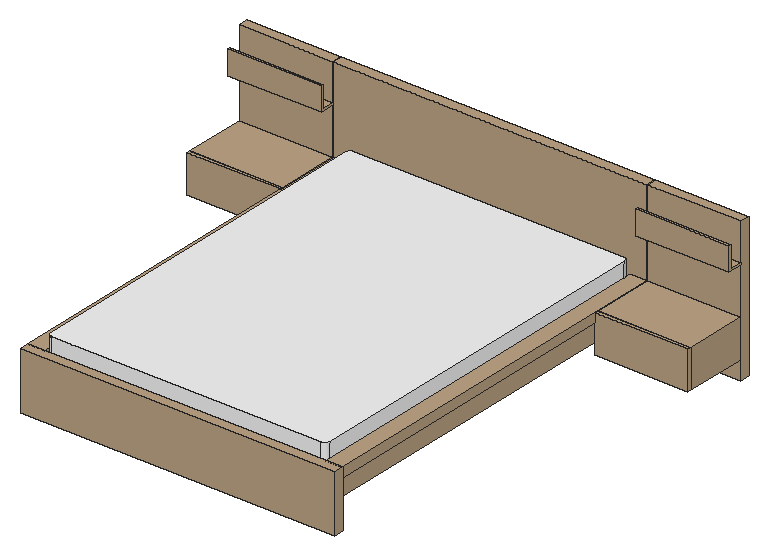
Revit family "Ikea_Malm_queen_bed_with_end_tables_2574", category Мебель, Revit 2017
Family settings
  На основе рабочей плоскости = Нет
  Всегда вертикально = Да
  При загрузке вырезать с полостями = Нет
  Общий = Нет
  Точка расчета площади = Нет
Reference planes (in)
  plane 1 "Center F/B": y = 0
  plane 2: z = 0
  plane 3 "Center L/R": x = 0
Forms (in)
  Extrusion 1, solid
    sketch origin (3.35711, 0, 0) x (1, 0, 0) y (0, 1, 0)
      loop
        line (-36.35711, 18.65534) -> (-36.35711, 16.65534) -> (29.64289, 16.65534) -> (29.64289, 18.65534) -> (-36.35711, 18.65534)
    from 0 to 30
  Extrusion 2, solid
    sketch origin (3.35711, -82, 0) x (1, 0, 0) y (0, 1, 0)
      loop
        line (-36.35711, 18.65534) -> (-36.35711, 16.65534) -> (29.64289, 16.65534) -> (29.64289, 18.65534) -> (-36.35711, 18.65534)
    from 0 to 12
  Sweep 3, solid
    path origin (0, 0, 0) x (1, 0, 0) y (0, 1, 0)
      loop
        line (0, 16.65534) -> (0, -63.34466)
    profile origin (0, -23.34466, 0) x (1, 0, 0) y (0, 0, 1)
      loop
        line (-33, 12) -> (-33, 10) -> (-32.5, 10) -> (-32.5, 6) -> (-29.5, 6) -> (-29.5, 12) -> (-33, 12)
      loop
        line (33, 12) -> (29.5, 12) -> (29.5, 6) -> (32.5, 6) -> (32.5, 10) -> (33, 10) -> (33, 12)
  Extrusion 4, solid
    sketch origin (-61.64289, 0, 0) x (1, 0, 0) y (0, 1, 0)
      loop
        line (9.01789, 18.65534) -> (9.01789, 16.65534) -> (28.64289, 16.65534) -> (28.64289, 18.65534) -> (9.01789, 18.65534)
    from 0 to 30
  Extrusion 5, solid
    sketch origin (-1, 0, 0) x (1, 0, 0) y (0, 1, 0)
      loop
        line (-51.625, 16.65534) -> (-51.625, 3.65534) -> (-32, 3.65534) -> (-32, 16.65534) -> (-51.625, 16.65534)
    from 4 to 12
  Extrusion 6, solid
    sketch origin (-1, -13, 0) x (1, 0, 0) y (0, 1, 0)
      loop
        line (-51.625, 16.65534) -> (-51.625, 15.90534) -> (-32, 15.90534) -> (-32, 16.65534) -> (-51.625, 16.65534)
    from 4 to 12
  Sweep 7, solid
    path origin (-1, 0, 0) x (1, 0, 0) y (0, 1, 0)
      loop
        line (-51.625, 16.65534) -> (-32, 16.65534)
    profile origin (-42.8125, 16.65534, 0) x (0, 1, 0) y (0, 0, 1)
      loop
        line (0, 21.75) -> (0, 22.25) -> (-2.5, 22.25) -> (-2.5, 26.75) -> (-3, 26.75) -> (-3, 21.75) -> (0, 21.75)
  Extrusion 8, solid
    sketch origin (61.64289, 0, 0) x (0, 1, 0) y (1, 0, 0)
      loop
        line (18.65534, -9.01789) -> (16.65534, -9.01789) -> (16.65534, -28.64289) -> (18.65534, -28.64289) -> (18.65534, -9.01789)
    from 0 to 30
  Extrusion 9, solid
    sketch origin (1, 0, 0) x (0, 1, 0) y (1, 0, 0)
      loop
        line (16.65534, 51.625) -> (3.65534, 51.625) -> (3.65534, 32) -> (16.65534, 32) -> (16.65534, 51.625)
    from 4 to 12
  Extrusion 10, solid
    sketch origin (1, -13, 0) x (0, 1, 0) y (1, 0, 0)
      loop
        line (16.65534, 51.625) -> (15.90534, 51.625) -> (15.90534, 32) -> (16.65534, 32) -> (16.65534, 51.625)
    from 4 to 12
  Sweep 11, solid
    path origin (1, 0, 0) x (0, 1, 0) y (-1, 0, 0)
      loop
        line (16.65534, -51.625) -> (16.65534, -32)
    profile origin (42.8125, 16.65534, 0) x (0, -1, 0) y (0, 0, 1)
      loop
        line (0, 21.75) -> (3, 21.75) -> (3, 26.75) -> (2.5, 26.75) -> (2.5, 22.25) -> (0, 22.25) -> (0, 21.75)
  Extrusion 12, solid
    sketch origin (0, 0, 0) x (1, 0, 0) y (0, 1, 0)
      loop
        arc (-28.19611, 16.22198) -> (-28.90321, 15.92909) -> (-29.19611, 15.22198) r 1
        line (-29.19611, 15.22198) -> (-29.19611, -62.02802)
        arc (-29.19611, -62.02802) -> (-28.90321, -62.73513) -> (-28.19611, -63.02802) r 1
        line (-28.19611, -63.02802) -> (28.30389, -63.02802)
        arc (28.30389, -63.02802) -> (29.011, -62.73513) -> (29.30389, -62.02802) r 1
        line (29.30389, -62.02802) -> (29.30389, 15.22198)
        arc (29.30389, 15.22198) -> (29.011, 15.92909) -> (28.30389, 16.22198) r 1
        line (28.30389, 16.22198) -> (-28.19611, 16.22198)
    from 8.1311 to 14.88233
Dimensions and locks (in)
  Extrusion 4 to Extrusion 8 = 5' - 6"
  aligned: Extrusion 1 to Sweep 3
  aligned: Sweep 3 to Extrusion 1
